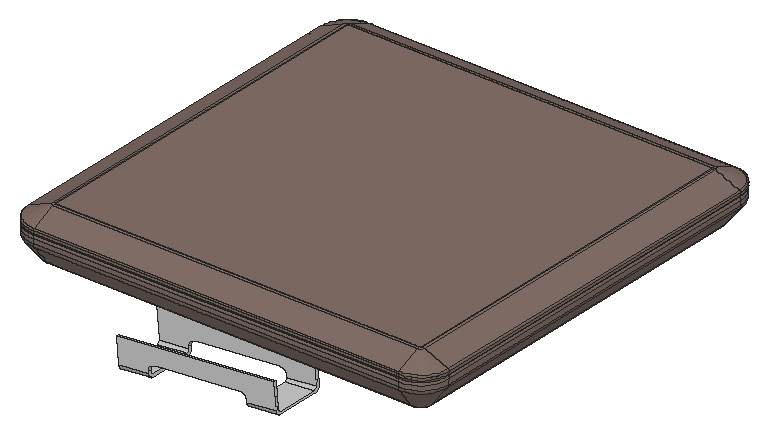
Revit family "Haworth_Atwell_Table_Bridge", category Furniture, Revit 2018
Family settings
  OmniClass Number = 23.40.20.00
  OmniClass Title = General Furniture and Specialties
  Work Plane-Based = No
  Always vertical = Yes
  Cut with Voids When Loaded = No
  Shared = No
  Room Calculation Point = No
Parameters (values of type "HE900-AB - 21w")
  Warranty = "http://healthcare.haworth.com/bottom-navigation/product-info/warranty-info"
  Version = "0"  # constant formula
  URL - Product = "https://healthcare.haworth.com/home/seating/seating-tandem/atwell-seating-tandem"
  URL = "http://healthcare.haworth.com/home"
  Type Comments = "Attached Bridge Table"
  Table Finish [instance] = Haworth _ Laminate _ Cafe H-H40
  Table Edge Finish [instance] = Haworth _ Laminate _ Cafe H-H40
  Sustainability Info = "https://www.haworth.com/na/en/expertise/sustainability.html"
  Size = "Verify Final Dim. w/ Haworth"  # constant formula
  Model = "Haworth Atwell"  # constant formula
  Manufacturer = "Haworth"  # constant formula
  Hardware Finish = Haworth _ Metal _ Brushed Aluminum
  Author = "SHAPE Environments, LLC"  # constant formula
  Assembly Code = "E2020200"
  Actual Width = 1' - 9"  # constant formula
  Actual Height = 1' - 5 1/2"  # constant formula
  Actual Depth = 1' - 9"  # constant formula
Reference planes (in)
  plane 1 "Center Front/Back": y = 0
  plane 2: z = 0
  plane 3 "Center Left/Right": x = 0
  plane 4 "Top of Table": z = 17.5
  plane 5 "Left": x = -10.50002
  plane 6 "Right": x = 10.49998
  plane 7 "Back": y = 10.5
  plane 8 "Front": y = -10.5
Forms (in)
  Extrusion 1, solid, material "Haworth _ Laminate _ Cafe H-H40" <- "Table Finish"
    sketch origin (0, 0, 0) x (1, 0, 0) y (0, 1, 0)
      loop
        arc (-9.10289, 9.13339) -> (-9.12447, 9.12445) -> (-9.13341, 9.10287) r 0.03052
        line (-9.13341, 9.10287) -> (-9.13341, -9.10287)
        arc (-9.13341, -9.10287) -> (-9.12447, -9.12445) -> (-9.10289, -9.13339) r 0.03052
        line (-9.10289, -9.13339) -> (9.10285, -9.13339)
        arc (9.10285, -9.13339) -> (9.12444, -9.12445) -> (9.13338, -9.10287) r 0.03052
        line (9.13338, -9.10287) -> (9.13338, 9.10287)
        arc (9.13338, 9.10287) -> (9.12444, 9.12445) -> (9.10285, 9.13339) r 0.03052
        line (9.10285, 9.13339) -> (-9.10289, 9.13339)
    from 16.31248 to 17.125
  Sweep 2, solid, material "Haworth _ Laminate _ Cafe H-H40" <- "Table Finish"
    path in 3D
      loop
        arc (-9.10289, 9.13339, 17.125) -> (-9.12447, 9.12445, 17.125) -> (-9.13341, 9.10287, 17.125) r 0.03052
        line (-9.13341, 9.10287, 17.125) -> (-9.13341, -9.10287, 17.125)
        arc (-9.13341, -9.10287, 17.125) -> (-9.12447, -9.12445, 17.125) -> (-9.10289, -9.13339, 17.125) r 0.03052
        line (-9.10289, -9.13339, 17.125) -> (9.10285, -9.13339, 17.125)
        arc (9.10285, -9.13339, 17.125) -> (9.12444, -9.12445, 17.125) -> (9.13338, -9.10287, 17.125) r 0.03052
        line (9.13338, -9.10287, 17.125) -> (9.13338, 9.10287, 17.125)
        arc (9.13338, 9.10287, 17.125) -> (9.12444, 9.12445, 17.125) -> (9.10285, 9.13339, 17.125) r 0.03052
        line (9.10285, 9.13339, 17.125) -> (-9.10289, 9.13339, 17.125)
    profile origin (-0.00002, 9.13339, 17.125) x (0, -1, 0) y (0, 0, 1)
      loop
        arc (-1.31218, -0.53919) -> (-1.35127, -0.57153) -> (-1.36661, -0.61989) r 0.08984
        line (-1.36661, -0.61989) -> (-1.36661, -0.75411)
        arc (-1.36661, -0.75411) -> (-1.34411, -0.80088) -> (-1.29353, -0.81252) r 0.05988
        line (-1.29353, -0.81252) -> (0, -0.81252) -> (0, 0)
        arc (0, 0) -> (-0.07492, -0.01474) -> (-0.14703, -0.03982) r 0.54422
        line (-0.14703, -0.03982) -> (-1.31218, -0.53919)
  Sweep 3, solid, material "Haworth _ Laminate _ Cafe H-H40" <- "Table Edge Finish"
    path in 3D
      loop
        arc (-9.10289, 9.13339, 17.125) -> (-9.12447, 9.12445, 17.125) -> (-9.13341, 9.10287, 17.125) r 0.03052
        line (-9.13341, 9.10287, 17.125) -> (-9.13341, -9.10287, 17.125)
        arc (-9.13341, -9.10287, 17.125) -> (-9.12447, -9.12445, 17.125) -> (-9.10289, -9.13339, 17.125) r 0.03052
        line (-9.10289, -9.13339, 17.125) -> (9.10285, -9.13339, 17.125)
        arc (9.10285, -9.13339, 17.125) -> (9.12444, -9.12445, 17.125) -> (9.13338, -9.10287, 17.125) r 0.03052
        line (9.13338, -9.10287, 17.125) -> (9.13338, 9.10287, 17.125)
        arc (9.13338, 9.10287, 17.125) -> (9.12444, 9.12445, 17.125) -> (9.10285, 9.13339, 17.125) r 0.03052
        line (9.10285, 9.13339, 17.125) -> (-9.10289, 9.13339, 17.125)
    profile origin (-0.00002, 9.13339, 17.125) x (0, -1, 0) y (0, 0, 1)
      loop
        line (0, -0.81252) -> (-1.29353, -0.81252)
        arc (-1.29353, -0.81252) -> (-1.34621, -0.88335) -> (-1.36661, -0.96923) r 0.21873
        line (-1.36661, -0.96923) -> (-1.36661, -1.20248) -> (0, -1.20248) -> (0, -0.81252)
  Sweep 4, solid, material "Haworth _ Laminate _ Cafe H-H40" <- "Table Edge Finish"
    path in 3D
      loop
        arc (-9.10289, 9.13339, 17.125) -> (-9.12447, 9.12445, 17.125) -> (-9.13341, 9.10287, 17.125) r 0.03052
        line (-9.13341, 9.10287, 17.125) -> (-9.13341, -9.10287, 17.125)
        arc (-9.13341, -9.10287, 17.125) -> (-9.12447, -9.12445, 17.125) -> (-9.10289, -9.13339, 17.125) r 0.03052
        line (-9.10289, -9.13339, 17.125) -> (9.10154, -9.13339, 17.125)
        arc (9.10154, -9.13339, 17.125) -> (9.12312, -9.12445, 17.125) -> (9.13206, -9.10287, 17.125) r 0.03052
        line (9.13206, -9.10287, 17.125) -> (9.13206, 9.10287, 17.125)
        arc (9.13206, 9.10287, 17.125) -> (9.12312, 9.12445, 17.125) -> (9.10154, 9.13339, 17.125) r 0.03052
        line (9.10154, 9.13339, 17.125) -> (-9.10289, 9.13339, 17.125)
    profile origin (-0.00068, 9.13339, 17.125) x (0, -1, 0) y (0, 0, 1)
      loop
        line (-0.37516, -2.47143) -> (0, -2.47143) -> (0, -1.20248) -> (-1.36661, -1.20248)
        arc (-1.36661, -1.20248) -> (-1.34633, -1.2956) -> (-1.30447, -1.38121) r 0.39761
        line (-1.30447, -1.38121) -> (-0.50938, -2.39708)
        arc (-0.50938, -2.39708) -> (-0.44982, -2.44789) -> (-0.37516, -2.47143) r 0.19661
Lines and regions (in)
  Masking region 1
    outline origin (0, 0, 17.5) x (-1, 0, 0) y (0, -1, 0)
      loop
        arc (9.10289, -10.5) -> (10.09081, -10.09079) -> (10.50002, -9.10287) r 1.39713
        line (10.50002, -9.10287) -> (10.50002, 9.10287)
        arc (10.50002, 9.10287) -> (10.09081, 10.09079) -> (9.10289, 10.5) r 1.39713
        line (9.10289, 10.5) -> (3.92592, 10.5) -> (3.92592, 11.5) -> (4.04303, 11.5) -> (4.04303, 11.6521) -> (-3.95697, 11.6521) -> (-3.95697, 11.52121) -> (-3.83096, 11.52121) -> (-3.83096, 10.5) -> (-9.10285, 10.5)
        arc (-9.10285, 10.5) -> (-10.09077, 10.09079) -> (-10.49998, 9.10287) r 1.39713
        line (-10.49998, 9.10287) -> (-10.49998, -9.10287)
        arc (-10.49998, -9.10287) -> (-10.09077, -10.09079) -> (-9.10285, -10.5) r 1.39713
        line (-9.10285, -10.5) -> (-3.83096, -10.5) -> (-3.83096, -11.52121) -> (-3.95697, -11.52121) -> (-3.95697, -11.6521) -> (4.04303, -11.6521) -> (4.04303, -11.5) -> (3.92592, -11.5) -> (3.92592, -10.5) -> (9.10289, -10.5)
      loop
        line (-2.46007, -10.5) -> (-2.46007, -11.52121) -> (2.42415, -11.52121) -> (2.42415, -10.5) -> (-2.46007, -10.5)
      loop
        line (-2.46007, 10.5) -> (2.42415, 10.5) -> (2.42415, 11.52121) -> (-2.46007, 11.52121) -> (-2.46007, 10.5)
  sketch lines
    curve 1: line (9.10285, 9.13339, 17.125) -> (-9.10289, 9.13339, 17.125)
    curve 2: arc (9.10285, 9.13339, 17.125) -> (9.12444, 9.12445, 17.125) -> (9.13338, 9.10287, 17.125) r 0.03052
    curve 3: line (9.13338, -9.10287, 17.125) -> (9.13338, 9.10287, 17.125)
    curve 4: arc (9.13338, -9.10287, 17.125) -> (9.12444, -9.12445, 17.125) -> (9.10285, -9.13339, 17.125) r 0.03052
    curve 5: line (-9.10289, -9.13339, 17.125) -> (9.10285, -9.13339, 17.125)
    curve 6: arc (-9.10289, -9.13339, 17.125) -> (-9.12447, -9.12445, 17.125) -> (-9.13341, -9.10287, 17.125) r 0.03052
    curve 7: arc (-9.13341, 9.10287, 17.125) -> (-9.12447, 9.12445, 17.125) -> (-9.10289, 9.13339, 17.125) r 0.03052
    curve 8: line (-9.13341, 9.10287, 17.125) -> (-9.13341, -9.10287, 17.125)
    curve 9: line (9.10285, 9.13339, 17.125) -> (-9.10289, 9.13339, 17.125)
    curve 10: arc (-9.13341, 9.10287, 17.125) -> (-9.12447, 9.12445, 17.125) -> (-9.10289, 9.13339, 17.125) r 0.03052
    curve 11: line (-9.13341, 9.10287, 17.125) -> (-9.13341, -9.10287, 17.125)
    curve 12: arc (-9.10289, -9.13339, 17.125) -> (-9.12447, -9.12445, 17.125) -> (-9.13341, -9.10287, 17.125) r 0.03052
    curve 13: line (-9.10289, -9.13339, 17.125) -> (9.10285, -9.13339, 17.125)
    curve 14: arc (9.13338, -9.10287, 17.125) -> (9.12444, -9.12445, 17.125) -> (9.10285, -9.13339, 17.125) r 0.03052
    curve 15: line (9.13338, -9.10287, 17.125) -> (9.13338, 9.10287, 17.125)
    curve 16: arc (9.10285, 9.13339, 17.125) -> (9.12444, 9.12445, 17.125) -> (9.13338, 9.10287, 17.125) r 0.03052
    curve 17: line (9.10154, 9.13339, 17.125) -> (-9.10289, 9.13339, 17.125)
    curve 18: arc (-9.13341, 9.10287, 17.125) -> (-9.12447, 9.12445, 17.125) -> (-9.10289, 9.13339, 17.125) r 0.03052
    curve 19: line (-9.13341, 9.10287, 17.125) -> (-9.13341, -9.10287, 17.125)
    curve 20: arc (-9.10289, -9.13339, 17.125) -> (-9.12447, -9.12445, 17.125) -> (-9.13341, -9.10287, 17.125) r 0.03052
    curve 21: line (-9.10289, -9.13339, 17.125) -> (9.10154, -9.13339, 17.125)
    curve 22: arc (9.13206, -9.10287, 17.125) -> (9.12312, -9.12445, 17.125) -> (9.10154, -9.13339, 17.125) r 0.03052
    curve 23: line (9.13206, -9.10287, 17.125) -> (9.13206, 9.10287, 17.125)
    curve 24: arc (9.10154, 9.13339, 17.125) -> (9.12312, 9.12445, 17.125) -> (9.13206, 9.10287, 17.125) r 0.03052
  symbolic lines, style "Haworth"
    curve 25: line (-3.92592, 10.5, 17.5) -> (-2.42415, 10.5, 17.5)
    curve 26: line (2.46007, 10.5, 17.5) -> (3.83096, 10.5, 17.5)
    curve 27: line (-3.92592, -10.5, 17.5) -> (-2.42415, -10.5, 17.5)
    curve 28: line (2.46007, -10.5, 17.5) -> (3.83096, -10.5, 17.5)
Dimensions and locks (in)
  "Actual Depth": plane 7 "Back" to plane 8 "Front"
  "Actual Width": plane 5 "Left" to plane 6 "Right"
  "Actual Height": plane 4 "Top of Table" to level
  aligned and locked: level to plane 2
  aligned and locked: profile plane to Sweep 4 sketch curve
  aligned and locked: Sweep 4 to nested 1
  aligned and locked: nested 2 to Sweep 4
Automatic sketch dimensions
  plane 5 "Left" to Extrusion 1 sketch curve = 0' - 1.36661"
  Extrusion 1 sketch curve to Extrusion 1 sketch curve = 0' - 0.03052"  (x3)
  Extrusion 1 sketch curve to plane 6 "Right" = 0' - 1.39713"  (x2)
  plane 8 "Front" to Extrusion 1 sketch curve = 0' - 1.36661"
  Extrusion 1 sketch curve to plane 7 "Back" = 0' - 1.39713"
  Sweep 2 sketch curve to profile plane = 0' - 0"  (x2)
  Sweep 2 sketch curve to profile plane = 0' - 0.03982"
  profile plane to Sweep 2 sketch curve = 0' - 0.14703"
  Sweep 2 sketch curve to profile plane = 0' - 0.62177"
  Sweep 2 sketch curve to Sweep 2 sketch curve = 0' - 1.12976"
  Sweep 2 sketch curve to Sweep 2 sketch curve = 0' - 0.01674"
  Sweep 2 sketch curve to Sweep 2 sketch curve = 0' - 0.01319"
  Sweep 2 sketch curve to profile plane = 0' - 0.53919"
  Sweep 2 sketch curve to Sweep 2 sketch curve = 0' - 0.03539"
  Sweep 2 sketch curve to Sweep 2 sketch curve = 0' - 0.05988"
  Sweep 2 sketch curve to profile plane = 0' - 0.06735"
  Sweep 2 sketch curve to Sweep 2 sketch curve = 0' - 0.13422"
  Sweep 3 sketch curve to profile plane = 0' - 0"
  profile plane to Sweep 3 sketch curve = 0' - 1.14798"
  Sweep 3 sketch curve to Sweep 3 sketch curve = 0' - 0.14555"
  Sweep 3 sketch curve to Sweep 3 sketch curve = 0' - 0.07308"
  Sweep 3 sketch curve to profile plane = 0' - 1.20248"
  Sweep 3 sketch curve to Sweep 3 sketch curve = 0' - 0.2267"
  Sweep 3 sketch curve to Sweep 3 sketch curve = 0' - 0.00655"
  profile plane to Sweep 4 sketch curve = 0' - 0.35455"
  Sweep 4 sketch curve to Sweep 4 sketch curve = 0' - 0.02061"
  Sweep 4 sketch curve to Sweep 4 sketch curve = 0' - 0.13422"
  profile plane to Sweep 4 sketch curve = 0' - 0.97076"
  Sweep 4 sketch curve to Sweep 4 sketch curve = 0' - 0.33371"
  Sweep 4 sketch curve to Sweep 4 sketch curve = 0' - 0.06214"
  Sweep 4 sketch curve to profile plane = 0' - 2.47143"
  Sweep 4 sketch curve to Sweep 4 sketch curve = 0' - 0.07435"
  Sweep 4 sketch curve to Sweep 4 sketch curve = 0' - 1.01587"
  Sweep 4 sketch curve to Sweep 4 sketch curve = 0' - 1.07342"
  Masking region 1 sketch curve to plane 6 "Right" = 0' - 0"
  Masking region 1 sketch curve to plane 7 "Back" = 0' - 0"  (x3)
  Masking region 1 sketch curve to plane 8 "Front" = 0' - 0"  (x3)
  Masking region 1 sketch curve to plane 5 "Left" = 0' - 0"
  Masking region 1 sketch curve to plane 6 "Right" = 0' - 1.39713"  (x2)
  plane 7 "Back" to Masking region 1 sketch curve = 0' - 1.1521"
  plane 3 "Center Left/Right" to Masking region 1 sketch curve = 0' - 3.95697"  (x2)
  Masking region 1 sketch curve to plane 8 "Front" = 0' - 1.1521"
  Masking region 1 sketch curve to Masking region 1 sketch curve = 0' - 0.12601"  (x2)
  Masking region 1 sketch curve to Masking region 1 sketch curve = 0' - 1.37089"  (x2)
  Masking region 1 sketch curve to plane 3 "Center Left/Right" = 0' - 2.42415"  (x2)
  Masking region 1 sketch curve to plane 8 "Front" = 0' - 1.02121"
  Masking region 1 sketch curve to Masking region 1 sketch curve = 0' - 1.50178"  (x2)
  Masking region 1 sketch curve to Masking region 1 sketch curve = 0' - 0.11711"  (x2)
  Masking region 1 sketch curve to Masking region 1 sketch curve = 0' - 1.39713"
  plane 5 "Left" to Masking region 1 sketch curve = 0' - 1.39713"
  Masking region 1 sketch curve to Masking region 1 sketch curve = 0' - 0.13089"  (x2)
  Masking region 1 sketch curve to Masking region 1 sketch curve = 0' - 1.02121"
  Masking region 1 sketch curve to Masking region 1 sketch curve = 0' - 0.1521"  (x2)
  curve 26 to plane 7 "Back" = 0' - 0"
  curve 28 to plane 8 "Front" = 0' - 0"
  curve 27 to plane 8 "Front" = 0' - 0"
  curve 25 to plane 7 "Back" = 0' - 0"
  plane 3 "Center Left/Right" to curve 26 = 0' - 3.83096"
  plane 3 "Center Left/Right" to curve 28 = 0' - 3.83096"
  curve 26 to curve 26 = 0' - 1.37089"
  curve 28 to curve 28 = 0' - 1.37089"
  curve 27 to plane 3 "Center Left/Right" = 0' - 2.42415"
  curve 25 to plane 3 "Center Left/Right" = 0' - 2.42415"
  curve 27 to curve 27 = 0' - 1.50178"
  curve 25 to curve 25 = 0' - 1.50178"
Nested families (in)
  nested 1: "Atwell_Ganging bracket" at (-0.02415, 10.33117, 0), type "Atwell_Ganging bracket"
  nested 2: "Atwell_Ganging bracket" at (-0.02415, -10.33117, 0), type "Atwell_Ganging bracket"
Definition of nested family "Atwell_Ganging bracket"
  Parameters (values of type "Atwell_Ganging bracket")
    Warranty = "http://haworthcollection.com/hc/about-us/certifications-warranties"
    Version = "1"  # constant formula
    URL Product = ""
    URL = "http://haworthcollection.com/"
    Sustainability Info = "http://www.haworth.com/bottom-nav/company-info/sustainability"
    Size = "Verify Final Dim. w/ Haworth"  # constant formula
    Manufacturer = "Haworth"  # constant formula
    Hardware Finish = none
    Author = "SHAPE Environments, LLC"  # constant formula
    Assembly Code = "E2020200"
  Reference planes (in)
    plane 1 "Center Front/Back": y = 0
    plane 2: z = 0
    plane 3 "Center Left/Right": x = 0
    plane 4 "Bracket top": z = 13.41822
  Forms (in)
    Extrusion 1, solid, material <- "Hardware Finish"
      sketch origin (9.03365, 23.11807, 0.39865) x (0, -1, 0) y (-0.088784, 0, 0.996051)
        loop
          line (21.80311, 16.71384) -> (21.80311, 13.54314)
          arc (21.80311, 13.54314) -> (21.87402, 13.37195) -> (22.04521, 13.30103) r 0.2421
          line (22.04521, 13.30103) -> (24.18972, 13.30103)
          arc (24.18972, 13.30103) -> (24.36091, 13.37195) -> (24.43182, 13.54314) r 0.2421
          line (24.43182, 13.54314) -> (24.43182, 14.79398) -> (24.31463, 14.79398) -> (24.31463, 13.54314)
          arc (24.31463, 13.54314) -> (24.27805, 13.45481) -> (24.18972, 13.41822) r 0.12492
          line (24.18972, 13.41822) -> (22.04521, 13.41822)
          arc (22.04521, 13.41822) -> (21.95688, 13.45481) -> (21.9203, 13.54314) r 0.12492
          line (21.9203, 13.54314) -> (21.9203, 16.71384) -> (21.80311, 16.71384)
      from 3.89324 to 11.77331
    Extrusion 2, void
      sketch origin (0, 0, 0) x (1, 0, 0) y (0, 0, 1)
        loop
          line (-3.91663, 15.995) -> (3.52399, 15.995)
          arc (3.52399, 15.995) -> (3.68763, 15.92722) -> (3.75541, 15.76358) r 0.23141
          line (3.75541, 15.76358) -> (3.95195, 15.76358) -> (3.95195, 16.83283) -> (-4.39063, 16.83283) -> (-4.39063, 15.48855) -> (-4.13139, 15.48855) -> (-4.15527, 15.75636)
          arc (-4.15527, 15.75636) -> (-4.08537, 15.9251) -> (-3.91663, 15.995) r 0.23864
        loop
          line (-2.37578, 12.65523) -> (2.51397, 13.09108) -> (2.47373, 13.54255)
          arc (2.47373, 13.54255) -> (2.33242, 13.74472) -> (2.09411, 13.80836) r 0.35978
          line (2.09411, 13.80836) -> (-2.07855, 13.43643)
          arc (-2.07855, 13.43643) -> (-2.31673, 13.33777) -> (-2.41539, 13.09959) r 0.33684
          line (-2.41539, 13.09959) -> (-2.37578, 12.65523)
      from -3.10658 to 1.75924
  Cuts and joins
    Extrusion 2 cuts Extrusion 1
  Dimensions and locks (in)
    aligned and locked: level to plane 2
